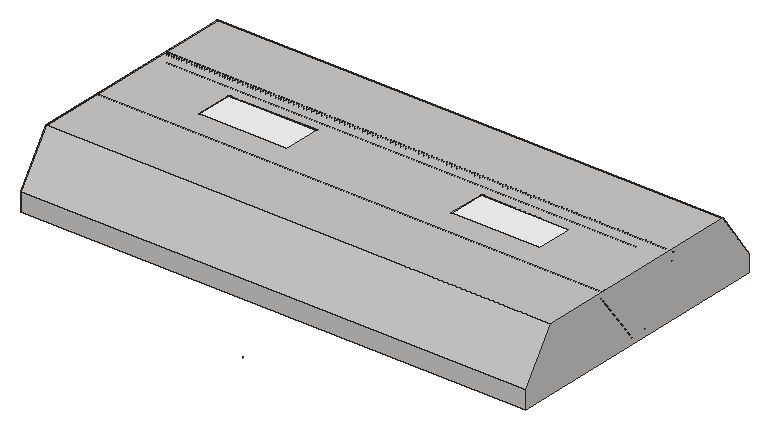
Revit family "QF_ELECTROLUXPROFESSIONAL_642374_BC2240DT", category Specialty Equipment, Revit 2014
Reference planes
  plane 1: z = 0
  plane 2 "Center (Left/Right)": x = 150
  plane 3 "LEFT": x = -1850
  plane 4 "RIGHT": x = 2150
  plane 5 "BACK": y = 550
  plane 6 "TOP": z = 2500
  plane 7 "Base": z = 2000
  plane 8: z = 1946
  plane 9: x = -1847
  plane 10 "DrainX": x = 1999
  plane 11 "AOLeft2": x = -500
  plane 12 "AORight1": x = 800
  plane 13: x = 2147
  plane 14: x = -1650
  plane 15: x = 1950
  plane 16: x = 50
  plane 17: x = 250
  plane 18 "AOLeft1": x = -1200
  plane 19 "AORight2": x = 1500
  plane 20: y = -400
  plane 21: y = -700
  plane 22 "Center (Front/Back)": y = -550
  plane 23: y = -1650
  plane 24: through (0, -601.379, 2046.209) normal (0, 0.8019, 0.5974)
  plane 25: through (0, -498.621, 2046.209) normal (0, 0.8019, -0.5974)
  plane 26: z = 2140
Forms (mm)
  Extrusion 1, solid, material "QF_Finishes_Stainless Steel"
    sketch origin (-1850, 0, 360) x (0, 1, 0) y (0, 0, 1)
      loop
        line (550, 1640) -> (550, 1780) -> (299.446, 2140) -> (-1399.446, 2140) -> (-1650, 1780) -> (-1650, 1640) -> (550, 1640)
    from 0 to 3
  Extrusion 2, solid, material "QF_Finishes_Stainless Steel"
    sketch origin (2150, 0, 360) x (0, 1, 0) y (0, 0, 1)
      loop
        line (550, 1640) -> (550, 1780) -> (299.446, 2140) -> (-1399.446, 2140) -> (-1650, 1780) -> (-1650, 1640) -> (550, 1640)
    from 0 to -3
  Extrusion 3, solid, material "QF_Finishes_Stainless Steel"
    sketch origin (150, 0, 360) x (0, 1, 0) y (0, 0, 1)
      loop
        line (-1399.446, 2140) -> (-1650, 1780) -> (-1650, 1640) -> (-1640, 1640) -> (-1640, 1640.8) -> (-1649.2, 1640.8) -> (-1649.2, 1779.739) -> (-1399.025, 2139.19) -> (299.025, 2139.19) -> (549.2, 1779.739) -> (549.2, 1640.8) -> (540, 1640.8) -> (540, 1640) -> (550, 1640) -> (550, 1780) -> (299.446, 2140) -> (-1399.446, 2140)
    from -2000 to 2000
  Extrusion 4, void
    sketch origin (0, 0, 2500) x (0, 1, 0) y (-1, 0, 0)
      loop
        line (-400, 500) -> (-400, 1200) -> (-700, 1200) -> (-700, 500) -> (-400, 500)
    from 0 to -10
  Extrusion 5, solid, material "QF_Finishes_Stainless Steel"
    sketch origin (0, 0, 0) x (1, 0, 0) y (0, 1, 0)
      loop
        line (-1850, 550) -> (-1850, 549) -> (-1849, 549) -> (-1849, 550) -> (-1850, 550)
    from 0 to 1
  Extrusion 6, solid, material "QF_Finishes_Stainless Steel"
    sketch origin (150, -400, 360) x (0, 1, 0) y (0, 0, 1)
      loop
        line (-498.883, 2085.553) -> (-201.379, 1686.209) -> (-185.34, 1698.157) -> (-482.844, 2097.501) -> (-498.883, 2085.553)
      loop
        line (198.883, 2085.553) -> (182.844, 2097.501) -> (-114.66, 1698.157) -> (-98.621, 1686.209) -> (198.883, 2085.553)
    from -1800 to -1997
  Extrusion 7, solid, material "QF_Finishes_Stainless Steel"
    sketch origin (150, -400, 360) x (0, 1, 0) y (0, 0, 1)
      loop
        arc (-83.944, 1704.554) -> (-84.545, 1704.706) -> (-85.077, 1704.389) r 0.81
        line (-85.077, 1704.389) -> (-99.535, 1684.991) -> (-116.611, 1687.002) -> (-113.609, 1712.615) -> (-114.407, 1712.708) -> (-117.406, 1687.095)
        arc (-117.406, 1687.095) -> (-117.237, 1686.499) -> (-116.695, 1686.197) r 0.81
        line (-116.695, 1686.197) -> (-99.628, 1684.196)
        arc (-99.628, 1684.196) -> (-99.213, 1684.257) -> (-98.884, 1684.517) r 0.81
        line (-98.884, 1684.517) -> (-84.436, 1703.911) -> (-73.692, 1695.919) -> (-99.855, 1660.79) -> (-200.145, 1660.79) -> (-226.308, 1695.919) -> (-215.564, 1703.911) -> (-201.116, 1684.517)
        arc (-201.116, 1684.517) -> (-200.787, 1684.257) -> (-200.372, 1684.196) r 0.81
        line (-200.372, 1684.196) -> (-183.305, 1686.197)
        arc (-183.305, 1686.197) -> (-182.763, 1686.499) -> (-182.594, 1687.095) r 0.81
        line (-182.594, 1687.095) -> (-185.593, 1712.708) -> (-186.391, 1712.615) -> (-183.389, 1687.002) -> (-200.465, 1684.991) -> (-214.923, 1704.389)
        arc (-214.923, 1704.389) -> (-215.455, 1704.706) -> (-216.056, 1704.554) r 0.81
        line (-216.056, 1704.554) -> (-226.786, 1696.561)
        arc (-226.786, 1696.561) -> (-227.103, 1696.028) -> (-226.951, 1695.427) r 0.81
        line (-226.951, 1695.427) -> (-200.843, 1660.381)
        arc (-200.843, 1660.381) -> (-200.5, 1660.093) -> (-200.063, 1659.99) r 0.972
        line (-200.063, 1659.99) -> (-99.951, 1659.99)
        arc (-99.951, 1659.99) -> (-99.502, 1660.096) -> (-99.149, 1660.393) r 1
        line (-99.149, 1660.393) -> (-73.049, 1695.427)
        arc (-73.049, 1695.427) -> (-72.897, 1696.028) -> (-73.214, 1696.561) r 0.81
        line (-73.214, 1696.561) -> (-83.944, 1704.554)
      loop
        line (-492.735, 2139.19) -> (-492.735, 2129.205) -> (-517.587, 2110.686)
        arc (-517.587, 2110.686) -> (-517.904, 2110.153) -> (-517.752, 2109.552) r 0.81
        line (-517.752, 2109.552) -> (-484.894, 2065.446) -> (-495.625, 2057.438) -> (-495.147, 2056.796) -> (-484.418, 2064.79)
        arc (-484.418, 2064.79) -> (-484.1, 2065.322) -> (-484.252, 2065.923) r 0.81
        line (-484.252, 2065.923) -> (-517.117, 2110.038) -> (-491.935, 2128.798) -> (-491.935, 2138.4) -> (-462.776, 2138.4) -> (-462.776, 2070.563) -> (-461.976, 2069.49) -> (-461.976, 2139.19) -> (-492.735, 2139.19)
      loop
        line (192.735, 2139.19) -> (161.976, 2139.19) -> (161.976, 2069.49) -> (162.776, 2070.563) -> (162.776, 2138.4) -> (191.935, 2138.4) -> (191.935, 2128.798) -> (217.117, 2110.038) -> (184.252, 2065.923)
        arc (184.252, 2065.923) -> (184.1, 2065.322) -> (184.418, 2064.79) r 0.81
        line (184.418, 2064.79) -> (195.147, 2056.796) -> (195.625, 2057.438) -> (184.894, 2065.446) -> (217.752, 2109.552)
        arc (217.752, 2109.552) -> (217.904, 2110.153) -> (217.587, 2110.686) r 0.81
        line (217.587, 2110.686) -> (192.735, 2129.205) -> (192.735, 2139.19)
    from -1997 to 1997
  Extrusion 8, solid, material "QF_Finishes_Stainless Steel"
    sketch origin (150, -400, 360) x (0, 1, 0) y (0, 0, 1)
      loop
        line (-498.883, 2085.553) -> (-201.379, 1686.209) -> (-185.34, 1698.157) -> (-482.844, 2097.501) -> (-498.883, 2085.553)
      loop
        line (198.883, 2085.553) -> (182.844, 2097.501) -> (-114.66, 1698.157) -> (-98.621, 1686.209) -> (198.883, 2085.553)
    from 1997 to 1800
  Extrusion 9, solid, material "QF_Finishes_Stainless Steel"
    sketch origin (150, -400, 360) x (0, 1, 0) y (0, 0, 1)
      loop
        line (-498.883, 2085.553) -> (-201.379, 1686.209) -> (-185.34, 1698.157) -> (-482.844, 2097.501) -> (-498.883, 2085.553)
      loop
        line (198.883, 2085.553) -> (182.844, 2097.501) -> (-114.66, 1698.157) -> (-98.621, 1686.209) -> (198.883, 2085.553)
    from -100 to 100
  Extrusion 10, solid, material "QF_Finished_Chrome"
    sketch origin (150, -400, 360) x (0, 1, 0) y (0, 0, 1)
      loop
        line (-498.883, 2085.553) -> (-201.379, 1686.209) -> (-185.34, 1698.157) -> (-482.844, 2097.501) -> (-498.883, 2085.553)
      loop
        line (198.883, 2085.553) -> (182.844, 2097.501) -> (-114.66, 1698.157) -> (-98.621, 1686.209) -> (198.883, 2085.553)
    from -1800 to -100
  Extrusion 11, solid, material "QF_Finished_Chrome"
    sketch origin (150, -400, 360) x (0, 1, 0) y (0, 0, 1)
      loop
        line (-498.883, 2085.553) -> (-201.379, 1686.209) -> (-185.34, 1698.157) -> (-482.844, 2097.501) -> (-498.883, 2085.553)
      loop
        line (198.883, 2085.553) -> (182.844, 2097.501) -> (-114.66, 1698.157) -> (-98.621, 1686.209) -> (198.883, 2085.553)
    from 100 to 1800
  Sweep 12, solid, material "QF_Finishes_Stainless Steel"
    path origin (0, 0, 0) x (1, 0, 0) y (0, 1, 0)
      loop
        line (2150, 550) -> (-1850, 550) -> (-1850, -1650) -> (2150, -1650) -> (2150, 550)
    profile origin (2150, -550, 0) x (1, 0, 0) y (0, 0, 1)
      loop
        line (-3, 2000) -> (-3, 2000.8) -> (-19, 2000.8) -> (-19, 2010) -> (-20, 2010) -> (-20, 2000) -> (-3, 2000)
  Extrusion 13, void
    sketch origin (0, 0, 2500) x (0, 1, 0) y (-1, 0, 0)
      loop
        line (-400, -1500) -> (-400, -800) -> (-700, -800) -> (-700, -1500) -> (-400, -1500)
    from 0 to -10
  Extrusion 14, solid, material "QF_Finishes_Stainless Steel"
    sketch origin (1999, 0, 0) x (0, 1, 0) y (0, 0, 1)
      loop
        arc (-518.5, 1946) -> (-511.429, 1948.929) -> (-508.5, 1956) r 10
        line (-508.5, 1956) -> (-508.5, 2000.8) -> (-591.5, 2000.8) -> (-591.5, 1956)
        arc (-591.5, 1956) -> (-588.571, 1948.929) -> (-581.5, 1946) r 10
        line (-581.5, 1946) -> (-518.5, 1946)
    from -90 to 90
  Extrusion 15, solid, material "QF_Finishes_Stainless Steel"
    sketch origin (0, -1100, 2000) x (0, 1, 0) y (-1, 0, 0)
      loop
        circle (550, -1999) r 6.35
    from -3.799 to 0
Cuts and joins
  Extrusion 4, Extrusion 13 cuts Extrusion 3
  joined: Extrusion 2, Extrusion 3, Sweep 12
Lines and regions (mm)
  symbolic lines, style "SpecialityEquipment", detail levels coarse
    curve 1: line (2150, 550, 2500) -> (-1850, 550, 2500)
    curve 2: line (-1850, 550, 2500) -> (-1850, -1650, 2500)
    curve 3: line (2150, -1650, 2500) -> (2150, 550, 2500)
    curve 4: line (-1850, 299.446, 0) -> (2150, -1399.446, 0)
    curve 5: line (2150, 299.446, 0) -> (-1850.605, -1399.446, 0)
  symbolic lines, detail levels coarse
    curve 6: line (-1200, -700, 0) -> (-500, -700, 0)
    curve 7: line (-1200, -400, 0) -> (-1200, -700, 0)
    curve 8: line (-500, -400, 0) -> (-1200, -400, 0)
    curve 9: line (-500, -700, 0) -> (-500, -400, 0)
    curve 10: line (800, -400, 0) -> (800, -700, 0)
    curve 11: line (1500, -400, 0) -> (800, -400, 0)
    curve 12: line (1500, -700, 0) -> (1500, -400, 0)
    curve 13: line (800, -700, 0) -> (1500, -700, 0)
    curve 14: line (-1850.605, -1399.446, 0) -> (2150, -1399.446, 0)
    curve 15: line (2150, 299.446, 0) -> (-1850, 299.446, 0)
    curve 16: line (-1850, -1650, 0) -> (2150, -1650, 0)
Dimensions and locks
  plane 3 "LEFT" to plane 4 "RIGHT" = 4000 mm
  equal spacing: plane 3 "LEFT", plane 2 "Center (Left/Right)", plane 4 "RIGHT"
  plane 3 "LEFT" to plane 9 = 3 mm
  plane 10 "DrainX" to plane 4 "RIGHT" = 151 mm
  plane 13 to plane 4 "RIGHT" = 3 mm
  plane 3 "LEFT" to plane 14 = 200 mm
  plane 15 to plane 4 "RIGHT" = 200 mm
  locked: plane 11 "AOLeft2" to plane 12 "AORight1" at 1300
  equal spacing: plane 11 "AOLeft2", plane 2 "Center (Left/Right)", plane 12 "AORight1"
  locked: plane 7 "Base" to level at 2000
  locked: plane 16 to plane 17 at 200
  equal spacing: plane 16, plane 2 "Center (Left/Right)", plane 17
  plane 18 "AOLeft1" to plane 11 "AOLeft2" = 700 mm
  plane 12 "AORight1" to plane 19 "AORight2" = 700 mm
  plane 7 "Base" to plane 8 = 54 mm
  locked: plane 6 "TOP" to plane 7 "Base" at 500
  plane 5 "BACK" to plane 23 = 2200 mm  (x2)
  equal spacing: plane 5 "BACK", plane 22 "Center (Front/Back)", plane 23
  plane 21 to plane 20 = 300 mm
  equal spacing: plane 21, plane 22 "Center (Front/Back)", plane 20
  plane 26 to plane 7 "Base" = 140 mm
  aligned and locked: level to plane 1
  aligned and locked: plane 4 "RIGHT" to Extrusion 3
  aligned and locked: Extrusion 3 to plane 3 "LEFT"
  aligned and locked: Extrusion 6 to plane 9
  aligned and locked: plane 14 to Extrusion 6
  aligned and locked: Extrusion 2 to plane 13
  aligned and locked: plane 13 to Extrusion 8
  aligned and locked: Extrusion 8 to plane 15
  aligned and locked: plane 17 to Extrusion 9
  aligned and locked: Extrusion 9 to plane 16
  aligned and locked: plane 16 to Extrusion 10
  aligned and locked: Extrusion 10 to plane 14
  aligned and locked: Extrusion 11 to plane 17
  aligned and locked: Extrusion 11 to plane 15
  aligned and locked: Extrusion 7 to plane 9
  aligned and locked: plane 13 to Extrusion 7
  aligned and locked: Extrusion 4 to plane 18 "AOLeft1"
  aligned and locked: Extrusion 4 to plane 11 "AOLeft2"
  aligned and locked: plane 12 "AORight1" to Extrusion 13
  aligned and locked: plane 19 "AORight2" to Extrusion 13
  aligned and locked: plane 21 to Extrusion 13
  aligned and locked: plane 21 to Extrusion 4
  aligned and locked: plane 20 to Extrusion 13
  aligned and locked: plane 20 to Extrusion 4
  aligned and locked: curve 6 to Extrusion 4
  aligned and locked: curve 7 to Extrusion 4
  aligned and locked: curve 8 to Extrusion 4
  aligned and locked: curve 9 to Extrusion 4
  aligned and locked: curve 10 to Extrusion 13
  aligned and locked: curve 11 to Extrusion 13
  aligned and locked: curve 12 to Extrusion 13
  aligned and locked: curve 13 to Extrusion 13
Automatic sketch dimensions
  Extrusion 4 sketch curve to plane 11 "AOLeft2" = 0 mm
  Extrusion 4 sketch curve to plane 18 "AOLeft1" = 0 mm
  Extrusion 5 sketch curve to plane 3 "LEFT" = 0 mm
  Extrusion 5 sketch curve to plane 5 "BACK" = 0 mm
  plane 3 "LEFT" to Extrusion 5 sketch curve = 1 mm
  Extrusion 5 sketch curve to Extrusion 5 sketch curve = 1 mm
  Sweep 12 sketch curve to plane 3 "LEFT" = 0 mm
  Sweep 12 sketch curve to plane 4 "RIGHT" = 0 mm
  Sweep 12 sketch curve to plane 5 "BACK" = 0 mm
  profile plane to Sweep 12 sketch curve = 20 mm
  Sweep 12 sketch curve to Sweep 12 sketch curve = 1 mm
  profile plane to Sweep 12 sketch curve = 3 mm
  level to Sweep 12 sketch curve = 2000 mm
  Sweep 12 sketch curve to Sweep 12 sketch curve = 0.8 mm
  Sweep 12 sketch curve to Sweep 12 sketch curve = 9.2 mm
  Extrusion 13 sketch curve to plane 11 "AOLeft2" = 2000 mm
  plane 18 "AOLeft1" to Extrusion 13 sketch curve = 2000 mm
  Extrusion 13 sketch curve to Extrusion 13 sketch curve = 300 mm
  Extrusion 13 sketch curve to plane 20 = 0 mm
  plane 21 to Extrusion 2 sketch curve = 699.446 mm
  plane 21 to Sweep 12 sketch curve = 950 mm
  plane 21 to Extrusion 4 sketch curve = 0 mm
  Extrusion 4 sketch curve to plane 20 = 0 mm
  Extrusion 15 sketch curve to plane 10 "DrainX" = 0 mm
  Extrusion 15 sketch curve to plane 22 "Center (Front/Back)" = 0 mm
  Extrusion 14 sketch curve to plane 8 = 0 mm
  plane 8 to Extrusion 14 sketch curve = 10 mm
  Extrusion 14 sketch curve to plane 22 "Center (Front/Back)" = 41.5 mm
  plane 22 "Center (Front/Back)" to Extrusion 14 sketch curve = 31.5 mm
  plane 7 "Base" to Extrusion 14 sketch curve = 0.8 mm
  plane 22 "Center (Front/Back)" to Extrusion 14 sketch curve = 41.5 mm
  plane 21 to Extrusion 6 sketch curve = 198.883 mm
  Extrusion 6 sketch curve to plane 6 "TOP" = 42.499 mm  (x2)
  Extrusion 6 sketch curve to Extrusion 6 sketch curve = 16.039 mm  (x2)
  Extrusion 6 sketch curve to plane 22 "Center (Front/Back)" = 51.379 mm
  plane 22 "Center (Front/Back)" to Extrusion 6 sketch curve = 35.34 mm
  plane 20 to Extrusion 6 sketch curve = 182.844 mm
  Extrusion 6 sketch curve to Extrusion 6 sketch curve = 11.948 mm  (x2)
  Extrusion 7 sketch curve to plane 6 "TOP" = 30.448 mm  (x2)
  plane 21 to Extrusion 7 sketch curve = 217.752 mm
  Extrusion 7 sketch curve to plane 6 "TOP" = 29.314 mm  (x2)
  Extrusion 7 sketch curve to Extrusion 7 sketch curve = 0.166 mm  (x3)
  Extrusion 7 sketch curve to plane 6 "TOP" = 29.962 mm  (x2)
  Extrusion 7 sketch curve to Extrusion 7 sketch curve = 0.47 mm  (x2)
  Extrusion 7 sketch curve to Extrusion 7 sketch curve = 0.014 mm  (x2)
  Extrusion 7 sketch curve to plane 6 "TOP" = 82.562 mm  (x2)
  Extrusion 7 sketch curve to Extrusion 7 sketch curve = 22.127 mm
  Extrusion 7 sketch curve to plane 6 "TOP" = 83.204 mm  (x2)
  Extrusion 7 sketch curve to Extrusion 7 sketch curve = 0.478 mm  (x5)
  Extrusion 7 sketch curve to plane 6 "TOP" = 0.81 mm  (x2)
  Extrusion 7 sketch curve to Extrusion 7 sketch curve = 24.852 mm
  Extrusion 7 sketch curve to Extrusion 7 sketch curve = 0.8 mm  (x5)
  Extrusion 7 sketch curve to Extrusion 7 sketch curve = 10.724 mm
  Extrusion 7 sketch curve to plane 6 "TOP" = 74.554 mm  (x2)
  Extrusion 7 sketch curve to Extrusion 7 sketch curve = 0.008 mm  (x6)
  Extrusion 7 sketch curve to plane 6 "TOP" = 75.21 mm  (x2)
  Extrusion 7 sketch curve to plane 6 "TOP" = 74.077 mm  (x2)
  Extrusion 7 sketch curve to Extrusion 7 sketch curve = 0.642 mm  (x2)
  Extrusion 7 sketch curve to plane 6 "TOP" = 69.437 mm  (x2)
  Extrusion 7 sketch curve to Extrusion 7 sketch curve = 21.476 mm  (x2)
  Extrusion 7 sketch curve to plane 21 = 73.049 mm
  Extrusion 7 sketch curve to Extrusion 7 sketch curve = 0.006 mm  (x4)
  Extrusion 7 sketch curve to Extrusion 7 sketch curve = 10.73 mm  (x3)
  Extrusion 7 sketch curve to Extrusion 7 sketch curve = 0.484 mm  (x4)
  Extrusion 7 sketch curve to Extrusion 7 sketch curve = 0.641 mm  (x2)
  Extrusion 7 sketch curve to Extrusion 7 sketch curve = 14.448 mm
  plane 7 "Base" to Extrusion 7 sketch curve = 20.381 mm
  Extrusion 7 sketch curve to Extrusion 7 sketch curve = 0.273 mm
  Extrusion 7 sketch curve to Extrusion 7 sketch curve = 0.65 mm  (x2)
  Extrusion 7 sketch curve to Extrusion 7 sketch curve = 0.001 mm  (x4)
  Extrusion 7 sketch curve to Extrusion 7 sketch curve = 0.093 mm  (x2)
  plane 7 "Base" to Extrusion 7 sketch curve = 20.79 mm
  Extrusion 7 sketch curve to Extrusion 7 sketch curve = 0.698 mm
  Extrusion 7 sketch curve to Extrusion 7 sketch curve = 0.081 mm
  Extrusion 7 sketch curve to Extrusion 7 sketch curve = 28.531 mm
  Extrusion 7 sketch curve to Extrusion 7 sketch curve = 0.799 mm  (x2)
  Extrusion 7 sketch curve to Extrusion 7 sketch curve = 17.067 mm  (x2)
  Extrusion 7 sketch curve to Extrusion 7 sketch curve = 0.01 mm  (x4)
  Extrusion 7 sketch curve to Extrusion 7 sketch curve = 0.094 mm
  Extrusion 7 sketch curve to Extrusion 7 sketch curve = 0.795 mm  (x2)
  plane 22 "Center (Front/Back)" to Extrusion 7 sketch curve = 32.594 mm
  Extrusion 7 sketch curve to Extrusion 7 sketch curve = 0.71 mm
  Extrusion 7 sketch curve to Extrusion 7 sketch curve = 2.998 mm
  Extrusion 7 sketch curve to Extrusion 7 sketch curve = 16.745 mm
  Extrusion 7 sketch curve to Extrusion 7 sketch curve = 0.095 mm
  plane 7 "Base" to Extrusion 7 sketch curve = 20.393 mm
  Extrusion 7 sketch curve to Extrusion 7 sketch curve = 0.707 mm
  Extrusion 7 sketch curve to Extrusion 7 sketch curve = 0.651 mm
  Extrusion 7 sketch curve to Extrusion 7 sketch curve = 14.456 mm
  Extrusion 7 sketch curve to plane 6 "TOP" = 70.51 mm  (x2)
  plane 20 to Extrusion 7 sketch curve = 161.976 mm
  Extrusion 7 sketch curve to plane 6 "TOP" = 1.6 mm
  Extrusion 7 sketch curve to Extrusion 7 sketch curve = 29.159 mm
  Extrusion 7 sketch curve to Extrusion 7 sketch curve = 24.368 mm
  Extrusion 7 sketch curve to Extrusion 7 sketch curve = 0.636 mm
  Extrusion 7 sketch curve to Extrusion 7 sketch curve = 23.206 mm
  Extrusion 7 sketch curve to Extrusion 7 sketch curve = 23.234 mm
  Extrusion 7 sketch curve to Extrusion 7 sketch curve = 0.321 mm  (x2)
  Extrusion 7 sketch curve to Extrusion 7 sketch curve = 2.001 mm  (x2)
  Extrusion 7 sketch curve to Extrusion 7 sketch curve = 0.804 mm  (x2)
  Extrusion 7 sketch curve to Extrusion 7 sketch curve = 10.911 mm  (x2)
  Extrusion 7 sketch curve to Extrusion 7 sketch curve = 7.993 mm  (x2)
  Extrusion 7 sketch curve to Extrusion 7 sketch curve = 25.613 mm  (x2)
  Extrusion 7 sketch curve to Extrusion 7 sketch curve = 0.407 mm  (x2)
  Extrusion 7 sketch curve to Extrusion 7 sketch curve = 0.79 mm
  Extrusion 3 sketch curve to plane 7 "Base" = 0 mm  (x2)
  Extrusion 3 sketch curve to plane 23 = 0 mm
  Extrusion 3 sketch curve to plane 5 "BACK" = 0 mm
  plane 23 to Extrusion 3 sketch curve = 0.8 mm
  plane 7 "Base" to Extrusion 3 sketch curve = 0.8 mm  (x2)
  Extrusion 3 sketch curve to Extrusion 3 sketch curve = 9.2 mm
  plane 23 to Extrusion 3 sketch curve = 250.554 mm
  Extrusion 3 sketch curve to Extrusion 3 sketch curve = 0.421 mm  (x2)
  Extrusion 3 sketch curve to plane 6 "TOP" = 0.81 mm
  Extrusion 3 sketch curve to plane 5 "BACK" = 250.975 mm
  Extrusion 3 sketch curve to plane 5 "BACK" = 10 mm
  Extrusion 3 sketch curve to plane 5 "BACK" = 0.8 mm
  Extrusion 3 sketch curve to Extrusion 3 sketch curve = 138.939 mm  (x2)
  Extrusion 3 sketch curve to Extrusion 3 sketch curve = 0.261 mm  (x2)
  Extrusion 3 sketch curve to plane 6 "TOP" = 0 mm
  Extrusion 1 sketch curve to plane 7 "Base" = 0 mm
  Extrusion 1 sketch curve to plane 23 = 0 mm
  Extrusion 1 sketch curve to plane 6 "TOP" = 0 mm
  Extrusion 1 sketch curve to plane 5 "BACK" = 0 mm
  Extrusion 1 sketch curve to plane 5 "BACK" = 250.554 mm
  plane 7 "Base" to Extrusion 1 sketch curve = 140 mm
  Extrusion 1 sketch curve to Extrusion 1 sketch curve = 140 mm
  plane 23 to Extrusion 1 sketch curve = 250.554 mm
  Extrusion 2 sketch curve to plane 5 "BACK" = 250.554 mm
  plane 7 "Base" to Extrusion 2 sketch curve = 140 mm  (x2)
  Extrusion 2 sketch curve to plane 7 "Base" = 0 mm
  plane 23 to Extrusion 2 sketch curve = 0 mm
  Extrusion 2 sketch curve to plane 6 "TOP" = 0 mm
  Extrusion 2 sketch curve to plane 5 "BACK" = 0 mm
  plane 21 to Extrusion 10 sketch curve = 198.883 mm
  Extrusion 10 sketch curve to plane 6 "TOP" = 42.499 mm  (x2)
  Extrusion 10 sketch curve to Extrusion 10 sketch curve = 16.039 mm  (x2)
  Extrusion 10 sketch curve to plane 22 "Center (Front/Back)" = 51.379 mm
  plane 22 "Center (Front/Back)" to Extrusion 10 sketch curve = 35.34 mm
  plane 20 to Extrusion 10 sketch curve = 182.844 mm
  Extrusion 10 sketch curve to Extrusion 10 sketch curve = 11.948 mm  (x2)
  plane 21 to Extrusion 9 sketch curve = 198.883 mm
  Extrusion 9 sketch curve to plane 6 "TOP" = 42.499 mm  (x2)
  Extrusion 9 sketch curve to Extrusion 9 sketch curve = 16.039 mm  (x2)
  Extrusion 9 sketch curve to plane 22 "Center (Front/Back)" = 51.379 mm
  plane 22 "Center (Front/Back)" to Extrusion 9 sketch curve = 35.34 mm
  plane 20 to Extrusion 9 sketch curve = 182.844 mm
  Extrusion 9 sketch curve to Extrusion 9 sketch curve = 11.948 mm  (x2)
  plane 21 to Extrusion 11 sketch curve = 198.883 mm
  Extrusion 11 sketch curve to plane 6 "TOP" = 42.499 mm  (x2)
  Extrusion 11 sketch curve to Extrusion 11 sketch curve = 16.039 mm  (x2)
  Extrusion 11 sketch curve to plane 22 "Center (Front/Back)" = 51.379 mm
  plane 22 "Center (Front/Back)" to Extrusion 11 sketch curve = 35.34 mm
  plane 20 to Extrusion 11 sketch curve = 182.844 mm
  Extrusion 11 sketch curve to Extrusion 11 sketch curve = 11.948 mm  (x2)
  plane 21 to Extrusion 8 sketch curve = 198.883 mm
  Extrusion 8 sketch curve to plane 6 "TOP" = 42.499 mm  (x2)
  Extrusion 8 sketch curve to Extrusion 8 sketch curve = 16.039 mm  (x2)
  Extrusion 8 sketch curve to plane 22 "Center (Front/Back)" = 51.379 mm
  plane 22 "Center (Front/Back)" to Extrusion 8 sketch curve = 35.34 mm
  plane 20 to Extrusion 8 sketch curve = 182.844 mm
  Extrusion 8 sketch curve to Extrusion 8 sketch curve = 11.948 mm  (x2)
  curve 2 to plane 3 "LEFT" = 0 mm
  curve 2 to plane 23 = 0 mm
  curve 3 to plane 4 "RIGHT" = 0 mm
  curve 3 to plane 23 = 0 mm
  curve 2 to plane 5 "BACK" = 0 mm
  curve 15 to plane 3 "LEFT" = 0 mm
  curve 16 to plane 3 "LEFT" = 0 mm
  curve 14 to plane 4 "RIGHT" = 0 mm
  curve 15 to plane 4 "RIGHT" = 0 mm
  curve 16 to plane 4 "RIGHT" = 0 mm
  curve 16 to plane 23 = 0 mm
  curve 14 to plane 3 "LEFT" = 0.605 mm
  plane 23 to curve 4 = 250.554 mm
  curve 15 to plane 5 "BACK" = 250.554 mm
  radius of Extrusion 15 sketch curve = 6.35 mm
Connectors
  hvac at (-850, -550, 2500)
    settings: on Extrusion 4, index 2, duct flow 0.0 L/s, flow factor 0, pres drop 0.0 Pa, loss coef 0, conn angle 0.00°, conn width 300 mm, conn height 700 mm, conn diameter 609.6 mm, duct sys type 3, conn prof type 1, flow config 1, flow direction 2, loss method 0, conn ref index -1, conn util no, is conn primary yes, conn desc "EXHAUST OUTLET"
  hvac at (1150, -550, 2500)
    settings: on Extrusion 13, index 3, duct flow 0.0 L/s, flow factor 0, pres drop 0.0 Pa, loss coef 0, conn angle 0.00°, conn width 300 mm, conn height 700 mm, conn diameter 609.6 mm, duct sys type 3, conn prof type 1, flow config 1, flow direction 2, loss method 0, conn ref index -1, conn util no, is conn primary no, conn desc "EXHAUST OUTLET"
  piping at (1999, -550, 1996.201), diameter 12.7
    settings: on Extrusion 15, index 4, connector inside diameter 609.6 mm, connector length 0 mm, flow factor 0, pipe flow 0.0 L/s, pressure drop 0.0 Pa, fitting loss kfactor 0, connector angle 0.00°, fixture units 0, engagement length 0 mm, angle of deflection 0.00°, flow configuration 1, flow direction 2, fitting loss method 0, system type 16, joint type 0, gender type 0, connector reference index -1, connector utility 0, adjustable connector no, is connector primary yes, connector description "Drain"
